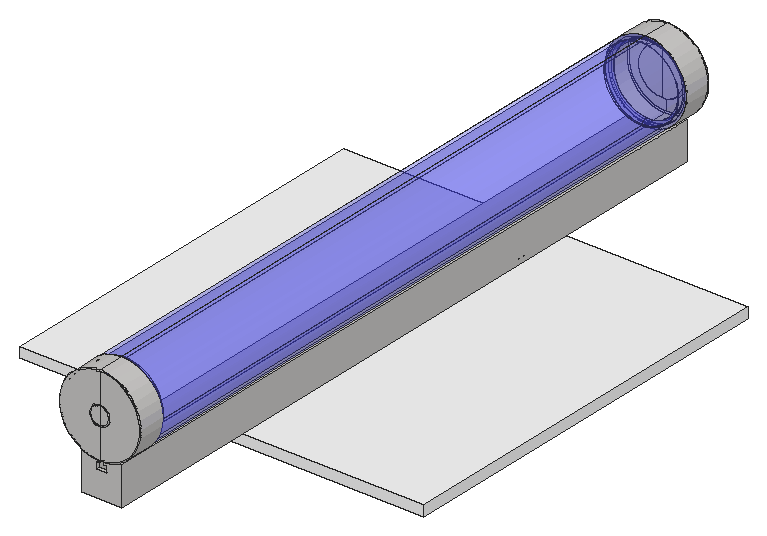
Revit family "BE_50069.2_de_DE", category Leuchten, Revit 2020
Family settings
  Basisbauteil = Fläche
  Bemaßung runder Anschluss = Durchmesser verwenden
  Teiletyp = Normal
  Beim Laden mit Abzugskörper schneiden = Ja
  Lichtquelle = Ja
  Gemeinsam genutzt = Nein
  Raumberechnungspunkt = Ja
Parameters (values of type "BEGA_50069.2_K4")
  built-in parameter 1150104 = 13.146 (stored number, unit not read)
  Wattage = 23.6 W
  Default Elevation = 0 mm
  built-in parameter 1150113 = 1 (stored number, unit not read)
  built-in parameter 1114218 = 1 (stored number, unit not read)
  Umgebungstemperatur = "25 °C"
  URL = "https://www.bega.com/de/produkt/50069.2"
  Typenkommentare = "© 2022 BEGA. Wir behalten uns das Recht vor, technische Änderungen ohne vorherige Ankündigung vorzunehmen."  # constant formula
  built-in parameter 1150134 = 12
  built-in parameter 1150109 = 1 (stored number, unit not read)
  Strom = ""
  built-in parameter 1150110 = 1 (stored number, unit not read)
  Spannung = 239.996 V
  Sonderanfertigung = no
  Seriennummer [instance] = "Hier können Sie die eindeutige Seriennummer für das Facility Management eintragen."
  Schutzklasse = "I"
  Schutzart = "IP 65"
  Scheinlast = 0 VA
  Produktdatenblatt = "https://cdn.bega.com/bega/products/50069.2K4/current/documents/data-sheets/de"
  Oberflächentemperatur = ""
  Neigungswinkel = 0.00°
  Modell = "50069.2K4"
  Material_17 = BEGA_Reflektor
  Material_15 = BEGA_Leuchtmedium_matt
  Material_11 = BEGA_Glas_opal
  Material_09 = BEGA_Glas_klar
  Material_06 = BEGA_Oberfläche_Edelstahl_gebürstet
  Material_05 = BEGA_Oberfläche_Aluminium Guss
  Material_03 = BEGA_Oberfläche_Weiss_matt
  Material_02 = BEGA_Oberfläche_Silber_matt
  Material_01 [instance] = BEGA_Oberfläche_Grafit_matt
  M_W = no
  M_G = no
  M_A = no
  Logo = 0
  built-in parameter 1114217 = 1 (stored number, unit not read)
  built-in parameter 1150139 = (empty or 0)
  built-in parameter 1150105 = 265.74 (stored number, unit not read)
  built-in parameter 1150114 = 1 (stored number, unit not read)
  Lumens = 3339.4 lm
  built-in parameter 1150115 = 1 (stored number, unit not read)
  Leuchtenlichtstrom = "2840 lm"
  Leuchtenanzahl = ""
  Lebensdauerkriterien = "L70B50 @ 25 °C = 144000 h"
  Lastklassifizierung = Beleuchtung
  built-in parameter 1150112 = 1 (stored number, unit not read)
  Lampenlichtstrom = "3860 lm"
  Lampe = "LED 23.2 W"
  LED_Modulbezeichnung = "4x LED-0627/930"
  Hersteller = "BEGA"  # constant formula
  Halbstreuwinkel = ""
  Gewicht = "3.4 kg"
  Gebrauchslageneinschränkung [instance] = ""
  Frequenz = "0/50-60 Hz"
  Farbwiedergabeindex = "CRI > 90"
  Farbtemperaturverschiebung bei Dämpfen der Lampe = <Keine Auswahl>
  Farbtemperatur = "4000 K"
  Color Filter = 16777215
  built-in parameter 1150133 = 10 (stored number, unit not read)
  Energieeffizienzklasse = "LED A++ - A"
  built-in parameter 1150137 = (empty or 0)
  built-in parameter 1150132 = (empty or 0)
  ENEC = "ja"
  Dimmbar [instance] = "DALI"
  Datei für fotometrisches Netz = "BE_50069.2K4.IES"
  CE_Konformität = "ja"
  Bestellnummer = "50069.2K4"
  Beschreibung_Sonderanfertigung = "Hier können Sie Informationen zur Sonderanfertigung eintragen."
  Beschreibung = "Wandleuchte"
  built-in parameter 1150106 = 2.6574 (stored number, unit not read)
  Befestigungsbohrung = "Ø 6 mm"
  Befestigungsabstand = "400 mm"
  Ballwurfsicher = ""
  BEGA_Intern_aus = yes
  BEGA_Intern_an = yes
  BEGA_Intern_Konstruktion = yes
  BEGA_Intern = yes
  BEGA_IES = yes
  BEGA_Dummy = no
  Anschlussleitung = ""
  Anschlussleistung [instance] = "27 W"
  Anschlusskasten = ""
  built-in parameter 1150107 = 4000 (stored number, unit not read)
  built-in parameter 1150102 = (empty or 0)
  built-in parameter 1150138 = (empty or 0)
  Aktualisierung = "2022-05-18T04:00:07"
  Abstand_zur_angestrahlten_Fläche [instance] = ""
  AC/DC = "AC/DC"
Types (2, lengths in mm): name | built-in parameter 1150104 | built-in parameter 1150134 | Modell | built-in parameter 1150105 | Lumens | Farbtemperatur | Datei für fotometrisches Netz | Bestellnummer | built-in parameter 1150106 | built-in parameter 1150107
  BEGA_50069.2_K3 | 12.672 (stored number, unit not read) | (empty or 0) | "50069.2K3" | 256.16 (stored number, unit not read) | 3219.04 lm | "3000 K" | "BE_50069.2K3.IES" | "50069.2K3" | 2.5616 (stored number, unit not read) | 3000 (stored number, unit not read)
  BEGA_50069.2_K4 | 13.146 (stored number, unit not read) | 12 | "50069.2K4" | 265.74 (stored number, unit not read) | 3339.4 lm | "4000 K" | "BE_50069.2K4.IES" | "50069.2K4" | 2.6574 (stored number, unit not read) | 4000 (stored number, unit not read)
Reference planes
  plane 1 "Mitte (Vorne/Hinten)": y = 0
  plane 2: z = 0
  plane 3 "Mitte (Links/Rechts)": x = 0
  plane 4 "Links": x = -40.25
  plane 5 "Rechts": x = 40.25
  plane 6 "Unten": y = -350.766
  plane 7 "Oben": y = 351.266
  plane 8 "Vorne": z = 115.51
  plane 9 "Hinten": z = 0
Forms (mm)
  Extrusion 1, solid, material "BEGA_Platte_Weiss"
    sketch origin (0, -1119.2, 0) x (1, 0, 0) y (0, 1, 0)
      loop
        line (-200, 1319.2) -> (-200, 919.2) -> (200, 919.2) -> (200, 1319.2) -> (-200, 1319.2)
    from 0 to -10
  Extrusion 2, solid, material "BEGA_Dummy_matt", visible <- "BEGA_Dummy"
    sketch origin (80.095, -76.023, 0) x (1, 0, 0) y (0, 1, 0)
      loop
        line (-120.345, 427.289) -> (-120.345, -274.743) -> (-39.845, -274.743) -> (-39.845, 427.289) -> (-120.345, 427.289)
    from 0 to 115.51
Dimensions and locks
  plane 1 "Mitte (Vorne/Hinten)" to Extrusion 1 = 200 mm
  aligned and locked: plane 2 to Extrusion 1
  aligned and locked: level to Extrusion 1
Nested families
  nested 1: "BE_50069.2" at (0, 0, 0) x (0, 1, 0) z (0, 0, 1), type "BE_50069.2"
Connectors
  electrical at (0, 0, 0), driven by "Lastklassifizierung", driven by "Spannung", driven by "Scheinlast"
    settings: index 1, voltage 239.996 V, apparent load 0 VA, apparent load phase1 0 VA, apparent load phase2 0 VA, apparent load phase3 0 VA, power factor 1, load classification "Beleuchtung", number of poles 1, system type 31, power factor state 1, is connector primary yes, connector utility no, sub classification motor no, connector description ""
Definition of nested family "BE_50069.2"
  Parameters (values of type "BE_50069.2")
    Default Elevation = 1 mm
    URL = "http://www.bega.de/de/produkt"
    Type Comments = "© 2015 BEGA. Wir behalten uns das Recht vor, technische Änderungen ohne vorherige Ankündigung vorzunehmen. "  # constant formula
    Type Image = (empty or 0)
    Neigungswinkel_um_Z2 = 0.00°
    Neigungswinkel_um_Z1 = 0.00°
    Neigungswinkel_um_Y2 = 0.00°
    Neigungswinkel_um_Y1 = 0.00°
    Neigungswinkel_um_X2 = 0.00°
    Neigungswinkel_um_X1 = 0.00°
    Material_17 = none
    Material_15 = none
    Material_11 = none
    Material_09 = none
    Material_06 = none
    Material_05 = none
    Material_03 = none
    Material_02 = none
    Material_01 = none
    M_W = yes
    M_G = yes
    M_A = yes
    Länge_Platte = 800 mm  # constant formula
    Höhe_Platte = -10 mm  # constant formula
    Manufacturer = "BEGA"  # constant formula
    Drehwinkel_um_Z2 = 0.00°
    Drehwinkel_um_Z1 = 0.00°
    Breite_Platte = 200 mm  # constant formula
  Reference planes
    plane 1 "Mitte (Oben/Unten)": y = 0
    plane 2: z = 0
    plane 3 "Mitte (Links/Rechts)": x = 0
    plane 4: x = -350.766
    plane 5: z = 115.51
    plane 6: x = 351.266
    plane 7: y = 40.25
    plane 8: y = -40.25
  Forms (mm)
    Extrusion 1, solid, detail levels medium
      sketch origin (0, 0, 0) x (1, 0, 0) y (0, 1, 0)
        loop
          line (-400, 100) -> (-400, -100) -> (400, -100) -> (400, 100) -> (-400, 100)
      from 0 to -10 <- "Höhe_Platte"
    Extrusion 2, solid, material <- "Material_06", detail levels medium+fine
      sketch origin (0, 0, 0) x (0, 1, 0) y (0, 0, 1)
        loop
          arc (18.186, 39.353) -> (0, 35.01) -> (-18.186, 39.353) r 40.25
          line (-18.186, 39.353) -> (-20, 37.539) -> (-20, 0) -> (-17.5, 0) -> (-17.5, 32) -> (17.5, 32) -> (17.5, 0) -> (20, 0) -> (20, 37.539) -> (18.186, 39.353)
      from -345.734 to 346.266
    Extrusion 3, solid, material <- "Material_06", detail levels medium+fine
      sketch origin (0, 0, 0) x (0, 1, 0) y (0, 0, 1)
        loop
          arc (18.186, 39.353) -> (0, 35.01) -> (-18.186, 39.353) r 40.25
          line (-18.186, 39.353) -> (-20, 37.539) -> (-20, 0) -> (20, 0) -> (20, 37.539) -> (18.186, 39.353)
      from 346.266 to 349.266
    Extrusion 4, solid, material <- "Material_06", detail levels medium+fine
      sketch origin (-493, 0, 0) x (0, 1, 0) y (0, 0, 1)
        loop
          arc (18.186, 39.353) -> (0, 35.01) -> (-18.186, 39.353) r 40.25
          line (-18.186, 39.353) -> (-20, 37.539) -> (-20, 0) -> (20, 0) -> (20, 37.539) -> (18.186, 39.353)
      from 144.266 to 147.266
    Extrusion 5, solid, material <- "Material_06", detail levels medium+fine
      sketch origin (0, 0, 0) x (0, 1, 0) y (0, 0, 1)
        loop
          arc (14.5, 4) -> (14.207, 3.293) -> (13.5, 3) r 1
          line (13.5, 3) -> (-13.5, 3)
          arc (-13.5, 3) -> (-14.207, 3.293) -> (-14.5, 4) r 1
          line (-14.5, 4) -> (-14.5, 32) -> (-17.5, 32) -> (-17.5, 4)
          arc (-17.5, 4) -> (-16.328, 1.172) -> (-13.5, 0) r 4
          line (-13.5, 0) -> (13.5, 0)
          arc (13.5, 0) -> (16.328, 1.172) -> (17.5, 4) r 4
          line (17.5, 4) -> (17.5, 32) -> (14.5, 32) -> (14.5, 4)
      from 126.266 to 160.266
    Extrusion 6, solid, material <- "Material_06", detail levels medium+fine
      sketch origin (-230, 0, 0) x (0, 1, 0) y (0, 0, 1)
        loop
          arc (14.5, 4) -> (14.207, 3.293) -> (13.5, 3) r 1
          line (13.5, 3) -> (-13.5, 3)
          arc (-13.5, 3) -> (-14.207, 3.293) -> (-14.5, 4) r 1
          line (-14.5, 4) -> (-14.5, 32) -> (-17.5, 32) -> (-17.5, 4)
          arc (-17.5, 4) -> (-16.328, 1.172) -> (-13.5, 0) r 4
          line (-13.5, 0) -> (13.5, 0)
          arc (13.5, 0) -> (16.328, 1.172) -> (17.5, 4) r 4
          line (17.5, 4) -> (17.5, 32) -> (14.5, 32) -> (14.5, 4)
      from -43.734 to -9.734
    Extrusion 7, void
      sketch origin (0, 0, 0) x (1, 0, 0) y (0, 1, 0)
        loop
          arc (-258.124, 3) -> (-268.234, 0) -> (-258.124, -3) r 5.5
          line (-258.124, -3) -> (-248.734, -3)
          arc (-248.734, -3) -> (-245.734, 0) -> (-248.734, 3) r 3
          line (-248.734, 3) -> (-258.124, 3)
        loop
          arc (141.876, 3) -> (131.766, 0) -> (141.876, -3) r 5.5
          line (141.876, -3) -> (151.266, -3)
          arc (151.266, -3) -> (154.266, 0) -> (151.266, 3) r 3
          line (151.266, 3) -> (141.876, 3)
      from 0 to 9
    Revolve 8, void
      sketch origin (100.286, 0, 0) x (1, 0, 0) y (0, 0, 1)
        loop
          line (237.98, 30.562) -> (244.412, 30.562) -> (244.412, 37.872) -> (237.98, 37.872) -> (237.98, 30.562)
        axis (237.98, 30.562) -> (237.98, 37.872)
      angle from 0 to 360
    Revolve 9, solid, material <- "Material_06", detail levels medium+fine
      sketch origin (0, 0, 0) x (1, 0, 0) y (0, 0, 1)
        loop
          line (-350.766, 115.01) -> (-350.766, 75.26) -> (-342.766, 75.26) -> (-342.766, 97.652) -> (-348.266, 99.126) -> (-348.266, 112.583)
          arc (-348.266, 112.583) -> (-347.59, 113.082) -> (-346.769, 113.26) r 2
          line (-346.769, 113.26) -> (-324.9, 113.22) -> (-323.536, 115.51) -> (-350.266, 115.51)
          arc (-350.266, 115.51) -> (-350.62, 115.364) -> (-350.766, 115.01) r 0.5
        axis (-350.766, 75.26) -> (-323.536, 75.26)
      angle from 0 to 360
    Revolve 10, solid, material <- "Material_06", detail levels medium+fine
      sketch origin (0, 0, 0) x (-1, 0, 0) y (0, 0, 1)
        loop
          line (-351.266, 115.01) -> (-351.266, 75.26) -> (-343.266, 75.26) -> (-343.266, 97.652) -> (-348.766, 99.126) -> (-348.766, 112.583)
          arc (-348.766, 112.583) -> (-348.09, 113.082) -> (-347.269, 113.26) r 2
          line (-347.269, 113.26) -> (-325.4, 113.22) -> (-324.036, 115.51) -> (-350.766, 115.51)
          arc (-350.766, 115.51) -> (-351.12, 115.364) -> (-351.266, 115.01) r 0.5
        axis (-351.266, 75.26) -> (-324.036, 75.26)
      angle from 0 to 360
    Revolve 11, solid, material <- "Material_11", detail levels medium+fine
      sketch origin (0, 0, 0) x (1, 0, 0) y (0, 0, 1)
        loop
          line (324.201, 115.26) -> (-323.682, 115.26) -> (-325.022, 113.01) -> (-327.797, 113.01) -> (-327.797, 110.01) -> (-326.747, 109.749)
          arc (-326.747, 109.749) -> (-322.426, 108.644) -> (-319.094, 111.608) r 4.75
          arc (-319.094, 111.608) -> (-318.727, 112.081) -> (-318.156, 112.26) r 1
          line (-318.156, 112.26) -> (318.675, 112.26)
          arc (318.675, 112.26) -> (319.246, 112.081) -> (319.612, 111.608) r 1
          arc (319.612, 111.608) -> (322.945, 108.644) -> (327.265, 109.749) r 4.75
          line (327.265, 109.749) -> (328.316, 110.01) -> (328.316, 113.01) -> (325.541, 113.01) -> (324.201, 115.26)
        axis (328.316, 75.26) -> (-327.797, 75.26)
      angle from 0 to 360
    Revolve 12, void
      sketch origin (0, 0, 0) x (1, 0, 0) y (0, 0, 1)
        loop
          line (-347.201, 85.26) -> (-351.016, 85.26) -> (-351.016, 75.26) -> (-347.201, 75.26) -> (-347.201, 85.26)
        axis (-347.201, 75.26) -> (-351.016, 75.26)
      angle from 0 to 360
    Revolve 13, solid, material <- "Material_06", detail levels fine
      sketch origin (0, 0, 0) x (1, 0, 0) y (0, 0, 1)
        loop
          line (-350.016, 85.01) -> (-351.016, 84.01) -> (-351.016, 75.26) -> (-348.016, 75.26) -> (-348.016, 85.01) -> (-350.016, 85.01)
        axis (-348.016, 75.26) -> (-351.016, 75.26)
      angle from 0 to 360
    Extrusion 14, void
      sketch origin (0, 0, 0) x (0, 1, 0) y (0, 0, 1)
        loop
          line (5, 32) -> (2.35, 32) -> (2.35, 36.757) -> (-2.35, 36.757) -> (-2.35, 32) -> (-5, 32) -> (-5, 25.9) -> (5, 25.9) -> (5, 32)
      from -349.345 to -333.334
    Revolve 15, solid, material <- "Material_06", detail levels fine
      sketch origin (0, 0, 0) x (1, 0, 0) y (0, 0, 1)
        loop
          line (-343.016, 32) -> (-343.016, 28.504) -> (-338.766, 28.504) -> (-338.766, 41.75) -> (-341.016, 41.75) -> (-341.016, 32) -> (-343.016, 32)
        axis (-338.766, 41.75) -> (-338.766, 28.504)
      angle from 0 to 360
  Cuts and joins
    Extrusion 7, Revolve 8, Extrusion 14 cuts Extrusion 2
    Extrusion 7, Revolve 8, Extrusion 14 cuts Extrusion 3
    Extrusion 7, Revolve 8, Extrusion 14 cuts Extrusion 4
    Extrusion 7, Revolve 8, Extrusion 14 cuts Extrusion 5
    Extrusion 7, Revolve 8, Extrusion 14 cuts Extrusion 6
    joined: Extrusion 2, Extrusion 3, Extrusion 4, Extrusion 5, Extrusion 6
    Revolve 12 cuts Revolve 9
    Revolve 12 cuts Revolve 10
    joined: Revolve 9, Revolve 10
  Dimensions and locks
    equal spacing: Extrusion 1 sketch curve, plane 3 "Mitte (Links/Rechts)", Extrusion 1 sketch curve
    equal spacing: Extrusion 1 sketch curve, plane 1 "Mitte (Oben/Unten)", Extrusion 1 sketch curve
    "Länge_Platte": Extrusion 1 sketch curve to Extrusion 1 sketch curve
    "Breite_Platte": Extrusion 1 sketch curve to Extrusion 1 sketch curve
    aligned and locked: Extrusion 1 to plane 2
    aligned and locked: level to Extrusion 1
  Automatic sketch dimensions
    Extrusion 2 sketch curve to level = 0 mm  (x2)
    Extrusion 2 sketch curve to plane 1 "Mitte (Oben/Unten)" = 0 mm
    plane 1 "Mitte (Oben/Unten)" to Extrusion 2 sketch curve = 17.5 mm
    Extrusion 2 sketch curve to Extrusion 2 sketch curve = 0.686 mm  (x2)
    Extrusion 2 sketch curve to Extrusion 2 sketch curve = 1.814 mm  (x3)
    Extrusion 2 sketch curve to plane 1 "Mitte (Oben/Unten)" = 17.5 mm
    Extrusion 2 sketch curve to Extrusion 2 sketch curve = 32 mm
    Extrusion 2 sketch curve to Extrusion 2 sketch curve = 5.539 mm  (x2)
    Extrusion 2 sketch curve to Extrusion 2 sketch curve = 35.907 mm
    Extrusion 3 sketch curve to level = 0 mm
    Extrusion 3 sketch curve to plane 1 "Mitte (Oben/Unten)" = 0 mm
    plane 1 "Mitte (Oben/Unten)" to Extrusion 3 sketch curve = 18.186 mm
    plane 1 "Mitte (Oben/Unten)" to Extrusion 3 sketch curve = 20 mm
    Extrusion 3 sketch curve to plane 1 "Mitte (Oben/Unten)" = 18.186 mm
    Extrusion 3 sketch curve to Extrusion 3 sketch curve = 1.814 mm  (x2)
    Extrusion 3 sketch curve to Extrusion 3 sketch curve = 37.539 mm  (x2)
    Extrusion 3 sketch curve to Extrusion 3 sketch curve = 35.907 mm
    Extrusion 4 sketch curve to level = 0 mm
    Extrusion 4 sketch curve to plane 1 "Mitte (Oben/Unten)" = 0 mm
    plane 1 "Mitte (Oben/Unten)" to Extrusion 4 sketch curve = 18.186 mm
    plane 1 "Mitte (Oben/Unten)" to Extrusion 4 sketch curve = 20 mm
    Extrusion 4 sketch curve to plane 1 "Mitte (Oben/Unten)" = 18.186 mm
    Extrusion 4 sketch curve to Extrusion 4 sketch curve = 1.814 mm  (x2)
    level to Extrusion 4 sketch curve = 37.539 mm  (x2)
    Extrusion 4 sketch curve to Extrusion 4 sketch curve = 35.907 mm
    Extrusion 5 sketch curve to Extrusion 5 sketch curve = 0 mm  (x6)
    Extrusion 5 sketch curve to level = 0 mm
    plane 1 "Mitte (Oben/Unten)" to Extrusion 5 sketch curve = 17.5 mm
    Extrusion 5 sketch curve to Extrusion 5 sketch curve = 3 mm
    Extrusion 5 sketch curve to Extrusion 5 sketch curve = 1 mm
    level to Extrusion 5 sketch curve = 4 mm
    Extrusion 5 sketch curve to plane 1 "Mitte (Oben/Unten)" = 13.5 mm
    Extrusion 5 sketch curve to Extrusion 5 sketch curve = 28 mm  (x2)
    Extrusion 6 sketch curve to Extrusion 6 sketch curve = 0 mm  (x6)
    Extrusion 6 sketch curve to level = 0 mm
    plane 1 "Mitte (Oben/Unten)" to Extrusion 6 sketch curve = 17.5 mm
    Extrusion 6 sketch curve to Extrusion 6 sketch curve = 3 mm
    Extrusion 6 sketch curve to Extrusion 6 sketch curve = 1 mm
    level to Extrusion 6 sketch curve = 4 mm
    Extrusion 6 sketch curve to plane 1 "Mitte (Oben/Unten)" = 13.5 mm
    Extrusion 6 sketch curve to Extrusion 6 sketch curve = 28 mm  (x2)
    plane 1 "Mitte (Oben/Unten)" to Extrusion 7 sketch curve = 0 mm  (x4)
    Extrusion 7 sketch curve to plane 3 "Mitte (Links/Rechts)" = 262.734 mm
    Extrusion 7 sketch curve to Extrusion 7 sketch curve = 4.61 mm  (x2)
    plane 1 "Mitte (Oben/Unten)" to Extrusion 7 sketch curve = 3 mm
    Extrusion 7 sketch curve to Extrusion 7 sketch curve = 9.39 mm  (x2)
    plane 3 "Mitte (Links/Rechts)" to Extrusion 7 sketch curve = 137.266 mm
    Extrusion 7 sketch curve to plane 1 "Mitte (Oben/Unten)" = 3 mm
    level to Revolve 8 sketch curve = 30.562 mm
    plane 3 "Mitte (Links/Rechts)" to Revolve 8 sketch curve = 338.266 mm
    Revolve 8 sketch curve to Revolve 8 sketch curve = 6.431 mm
    Revolve 8 sketch curve to Revolve 8 sketch curve = 7.31 mm
    Revolve 8 sketch curve to Revolve 8 sketch curve = 0 mm  (x3)
    level to Revolve 9 sketch curve = 115.01 mm
    Revolve 9 sketch curve to plane 3 "Mitte (Links/Rechts)" = 350.766 mm
    Revolve 9 sketch curve to Revolve 9 sketch curve = 0.5 mm
    level to Revolve 9 sketch curve = 99.126 mm
    Revolve 9 sketch curve to Revolve 9 sketch curve = 2 mm  (x2)
    level to Revolve 9 sketch curve = 113.26 mm
    Revolve 9 sketch curve to Revolve 9 sketch curve = 1.498 mm
    Revolve 9 sketch curve to Revolve 9 sketch curve = 1.5 mm
    Revolve 9 sketch curve to Revolve 9 sketch curve = 8 mm
    Revolve 9 sketch curve to Revolve 9 sketch curve = 21.869 mm
    Revolve 9 sketch curve to Revolve 9 sketch curve = 1.364 mm
    Revolve 9 sketch curve to Revolve 9 sketch curve = 1.474 mm
    Revolve 9 sketch curve to Revolve 9 sketch curve = 22.392 mm
    Revolve 9 sketch curve to Revolve 9 sketch curve = 2.29 mm
    Revolve 9 sketch curve to Revolve 9 sketch curve = 0 mm  (x3)
    Revolve 10 sketch curve to level = 115.01 mm
    Revolve 10 sketch curve to plane 3 "Mitte (Links/Rechts)" = 351.266 mm
    Revolve 10 sketch curve to Revolve 10 sketch curve = 0.5 mm
    Revolve 10 sketch curve to level = 99.126 mm
    Revolve 10 sketch curve to Revolve 10 sketch curve = 2 mm  (x2)
    Revolve 10 sketch curve to level = 113.26 mm
    Revolve 10 sketch curve to Revolve 10 sketch curve = 1.498 mm
    Revolve 10 sketch curve to Revolve 10 sketch curve = 1.5 mm
    Revolve 10 sketch curve to Revolve 10 sketch curve = 8 mm
    Revolve 10 sketch curve to Revolve 10 sketch curve = 21.869 mm
    Revolve 10 sketch curve to Revolve 10 sketch curve = 1.364 mm
    Revolve 10 sketch curve to Revolve 10 sketch curve = 1.474 mm
    Revolve 10 sketch curve to Revolve 10 sketch curve = 22.392 mm
    Revolve 10 sketch curve to Revolve 10 sketch curve = 2.29 mm
    Revolve 10 sketch curve to Revolve 10 sketch curve = 0 mm  (x3)
    level to Revolve 11 sketch curve = 113.01 mm
    Revolve 11 sketch curve to plane 3 "Mitte (Links/Rechts)" = 327.797 mm
    level to Revolve 11 sketch curve = 109.749 mm  (x2)
    Revolve 11 sketch curve to Revolve 11 sketch curve = 1.051 mm
    Revolve 11 sketch curve to Revolve 11 sketch curve = 2.775 mm  (x2)
    Revolve 11 sketch curve to Revolve 11 sketch curve = 1.34 mm
    Revolve 11 sketch curve to Revolve 11 sketch curve = 1.475 mm  (x2)
    Revolve 11 sketch curve to Revolve 11 sketch curve = 5.391 mm  (x2)
    Revolve 11 sketch curve to Revolve 11 sketch curve = 0 mm  (x4)
    plane 3 "Mitte (Links/Rechts)" to Revolve 11 sketch curve = 318.675 mm
    Revolve 11 sketch curve to Revolve 11 sketch curve = 1.725 mm
    Revolve 11 sketch curve to Revolve 11 sketch curve = 0.261 mm  (x2)
    Revolve 11 sketch curve to Revolve 11 sketch curve = 1.75 mm
    Revolve 11 sketch curve to Revolve 11 sketch curve = 1.511 mm
    Revolve 11 sketch curve to Revolve 11 sketch curve = 1 mm
    Revolve 11 sketch curve to Revolve 11 sketch curve = 3 mm
    Revolve 11 sketch curve to Revolve 11 sketch curve = 0.25 mm  (x2)
    Revolve 11 sketch curve to Revolve 11 sketch curve = 2 mm
    Revolve 11 sketch curve to Revolve 11 sketch curve = 0.938 mm  (x2)
    Revolve 11 sketch curve to Revolve 11 sketch curve = 0.135 mm
    level to Revolve 12 sketch curve = 85.26 mm
    Revolve 12 sketch curve to plane 3 "Mitte (Links/Rechts)" = 351.016 mm
    Revolve 12 sketch curve to Revolve 12 sketch curve = 3.815 mm
    Revolve 12 sketch curve to Revolve 12 sketch curve = 10 mm
    Revolve 12 sketch curve to Revolve 12 sketch curve = 1.435 mm
    Revolve 12 sketch curve to Revolve 12 sketch curve = 0 mm  (x2)
    level to Revolve 13 sketch curve = 75.26 mm
    Revolve 13 sketch curve to plane 3 "Mitte (Links/Rechts)" = 351.016 mm
    Revolve 13 sketch curve to Revolve 13 sketch curve = 1 mm  (x2)
    Revolve 13 sketch curve to Revolve 13 sketch curve = 2 mm
    Revolve 13 sketch curve to Revolve 13 sketch curve = 8.75 mm
    Revolve 13 sketch curve to Revolve 13 sketch curve = 1.623 mm
    Revolve 13 sketch curve to Revolve 13 sketch curve = 0 mm  (x2)
    level to Revolve 15 sketch curve = 32 mm
    Revolve 15 sketch curve to plane 3 "Mitte (Links/Rechts)" = 343.016 mm
    Revolve 15 sketch curve to Revolve 15 sketch curve = 2 mm
    Revolve 15 sketch curve to Revolve 15 sketch curve = 2.25 mm
    Revolve 15 sketch curve to Revolve 15 sketch curve = 3.496 mm
    Revolve 15 sketch curve to Revolve 15 sketch curve = 9.75 mm
    Revolve 15 sketch curve to Revolve 15 sketch curve = 0 mm  (x3)
    plane 1 "Mitte (Oben/Unten)" to Extrusion 14 sketch curve = 5 mm
    plane 1 "Mitte (Oben/Unten)" to Extrusion 14 sketch curve = 2.35 mm
    Extrusion 14 sketch curve to plane 1 "Mitte (Oben/Unten)" = 2.35 mm
    Extrusion 14 sketch curve to Extrusion 14 sketch curve = 2.65 mm
    level to Extrusion 14 sketch curve = 25.9 mm
    Extrusion 14 sketch curve to Extrusion 14 sketch curve = 6.1 mm
    Extrusion 14 sketch curve to Extrusion 14 sketch curve = 0 mm
    Extrusion 14 sketch curve to Extrusion 14 sketch curve = 4.757 mm
